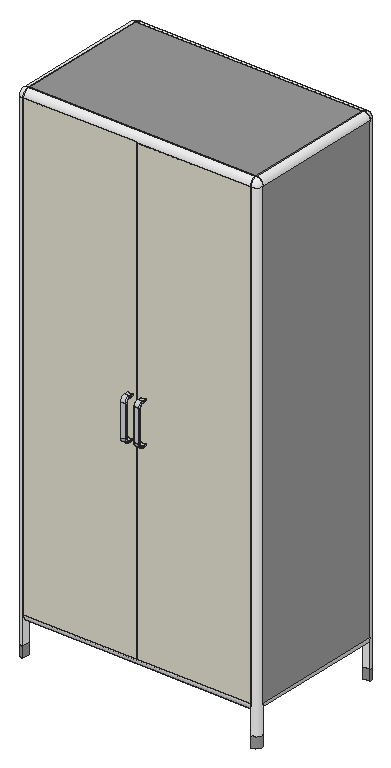
Revit family "Шкаф медицинский для одежды двухдверный ДМ-2-001-29", category Оборудование, Revit 2017
Family settings
  Размер круглого соединителя = Использовать диаметр
  Тип детали = Нормальный
  На основе рабочей плоскости = Нет
  Всегда вертикально = Да
  При загрузке вырезать с полостями = Нет
  Общий = Нет
  Точка расчета площади = Нет
Parameters (values of type "Тип")
  Фасад = Столешница медицинской мебели ДСП с пластиковым покрытием
  Ручки = Алюминий 7075
  Панели = Пластмасса, непрозрачная, белая
  Общ_Ширина = 900.0 mm
  Общ_Тип, марка = "ДМ-2-001-29"
  Общ_Примечание КР [instance] = ""
  Общ_Примечание АР [instance] = ""
  Общ_Примечание = ""
  Общ_Поставщик = "Доктор Мебель"
  Общ_Позиция = ""
  Общ_Наименование = "Шкаф медицинский для одежды"
  Общ_Масса = ""
  Общ_Код продукции = ""
  Общ_Единицы измерения = "шт."
  Общ_Глубина = 550.0 mm
  Общ_Высота = 1900.0 mm
  Ножки = Пластмасса, непрозрачная, черная
  Keynote = ""
  Каркас = Алюминий 7075
  Длина ручек = 150.0 mm
  Model = ""
Reference planes
  plane 1 "По центру (Вперед/Назад)": y = 0
  plane 2: z = 0
  plane 3 "По центру (Влево/Вправо)": x = 0
  plane 4: x = 450
  plane 5: x = -450
  plane 6: y = 275
  plane 7: y = -275
  plane 8: y = 250
  plane 9: y = -250
  plane 10: z = 1900
  plane 11: z = 1875
  plane 12: x = 425
  plane 13: x = -425
Forms (mm)
  Extrusion 1, solid, material "Пластмасса, непрозрачная, черная" <- "Ножки", detail levels fine
    sketch origin (0, 0, 0) x (1, 0, 0) y (0, 1, 0)
      loop
        line (425, -250) -> (425, -275)
        arc (425, -275) -> (442.678, -267.678) -> (450, -250) r 25
        line (450, -250) -> (425, -250)
      loop
        line (425, 250) -> (450, 250)
        arc (450, 250) -> (442.678, 267.678) -> (425, 275) r 25
        line (425, 275) -> (425, 250)
      loop
        line (-425, -250) -> (-450, -250)
        arc (-450, -250) -> (-442.678, -267.678) -> (-425, -275) r 25
        line (-425, -275) -> (-425, -250)
      loop
        line (-425, 250) -> (-425, 275)
        arc (-425, 275) -> (-442.678, 267.678) -> (-450, 250) r 25
        line (-450, 250) -> (-425, 250)
    from 0 to 40
  Extrusion 2, solid, material "Алюминий 7075" <- "Каркас", detail levels fine
    sketch origin (0, 0, 0) x (1, 0, 0) y (0, 1, 0)
      loop
        arc (-425, 275) -> (-442.678, 267.678) -> (-450, 250) r 25
        line (-450, 250) -> (-425, 250) -> (-425, 275)
      loop
        line (425, 275) -> (425, 250) -> (450, 250)
        arc (450, 250) -> (442.678, 267.678) -> (425, 275) r 25
      loop
        line (450, -250) -> (425, -250) -> (425, -275)
        arc (425, -275) -> (442.678, -267.678) -> (450, -250) r 25
      loop
        line (-425, -275) -> (-425, -250) -> (-450, -250)
        arc (-450, -250) -> (-442.678, -267.678) -> (-425, -275) r 25
    from 1875 to 40
  Extrusion 3, solid, material "Пластмасса, непрозрачная, белая" <- "Панели", detail levels fine
    sketch origin (0, 0, 0) x (1, 0, 0) y (0, 1, 0)
      loop
        line (-425, 250) -> (-425, -250) -> (425, -250) -> (425, 250) -> (-425, 250)
    from 1875 to 1900
  Extrusion 4, solid, material "Пластмасса, непрозрачная, белая" <- "Панели", detail levels fine
    sketch origin (0, 0, 0) x (1, 0, 0) y (0, 1, 0)
      loop
        line (-425, 275) -> (-425, 259) -> (425, 259) -> (425, 275) -> (-425, 275)
      loop
        line (-450, 250) -> (-450, -250) -> (-434, -250) -> (-434, 250) -> (-450, 250)
      loop
        line (450, 250) -> (434, 250) -> (434, -250) -> (450, -250) -> (450, 250)
    from 1875 to 145
  Extrusion 5, solid, material "Столешница медицинской мебели ДСП с пластиковым покрытием" <- "Фасад", detail levels fine
    sketch origin (0, 0, 0) x (1, 0, 0) y (0, 1, 0)
      loop
        line (425, -259) -> (1, -259) -> (1, -275) -> (425, -275) -> (425, -259)
      loop
        line (-425, -259) -> (-425, -275) -> (-1, -275) -> (-1, -259) -> (-425, -259)
    from 145 to 1875
  Revolve 6, solid, material "Алюминий 7075" <- "Каркас", detail levels fine
    sketch origin (0, 250, 1400) x (-1, 0, 0) y (0, 0, 1)
      loop
        arc (-425, 500) -> (-442.678, 492.678) -> (-450, 475) r 25
        line (-450, 475) -> (-425, 475) -> (-425, 500)
      axis (-425, 500) -> (-425, 475)
    angle from 0 to -90
  Revolve 7, solid, material "Алюминий 7075" <- "Каркас", detail levels fine
    sketch origin (0, 250, 1400) x (-1, 0, 0) y (0, 0, 1)
      loop
        line (425, 500) -> (425, 475) -> (450, 475)
        arc (450, 475) -> (442.678, 492.678) -> (425, 500) r 25
      axis (425, 500) -> (425, 475)
    angle from 0 to -90
  Revolve 8, solid, material "Алюминий 7075" <- "Каркас", detail levels fine
    sketch origin (0, -250, 1400) x (-1, 0, 0) y (0, 0, -1)
      loop
        line (-425, -500) -> (-425, -475) -> (-450, -475)
        arc (-450, -475) -> (-442.678, -492.678) -> (-425, -500) r 25
      axis (-425, -500) -> (-425, -475)
    angle from 0 to -90
  Revolve 9, solid, material "Алюминий 7075" <- "Каркас", detail levels fine
    sketch origin (0, -250, 1400) x (-1, 0, 0) y (0, 0, -1)
      loop
        arc (425, -500) -> (442.678, -492.678) -> (450, -475) r 25
        line (450, -475) -> (425, -475) -> (425, -500)
      axis (425, -500) -> (425, -475)
    angle from 0 to -90
  Extrusion 10, solid, material "Алюминий 7075" <- "Каркас", detail levels fine
    sketch origin (-450, 760, 1400) x (0, 1, 0) y (0, 0, 1)
      loop
        arc (-485, 475) -> (-492.322, 492.678) -> (-510, 500) r 25
        line (-510, 500) -> (-510, 475) -> (-485, 475)
      loop
        line (-1035, 475) -> (-1010, 475) -> (-1010, 500)
        arc (-1010, 500) -> (-1027.678, 492.678) -> (-1035, 475) r 25
    from 25 to 875
  Extrusion 11, solid, material "Алюминий 7075" <- "Каркас", detail levels fine
    sketch origin (-590, -275, 1400) x (-1, 0, 0) y (0, 0, 1)
      loop
        arc (-140, 475) -> (-147.322, 492.678) -> (-165, 500) r 25
        line (-165, 500) -> (-165, 475) -> (-140, 475)
      loop
        line (-1040, 475) -> (-1015, 475) -> (-1015, 500)
        arc (-1015, 500) -> (-1032.678, 492.678) -> (-1040, 475) r 25
    from 25 to 525
  Extrusion 12, solid, material "Пластмасса, непрозрачная, белая" <- "Панели", detail levels fine
    sketch origin (0, 0, 0) x (1, 0, 0) y (0, 1, 0)
      loop
        line (-425, 259) -> (-425, 250) -> (-434, 250) -> (-434, -250) -> (-425, -250) -> (-425, -259) -> (425, -259) -> (425, -250) -> (434, -250) -> (434, 250) -> (425, 250) -> (425, 259) -> (-425, 259)
    from 120 to 136
  Extrusion 13, solid, detail levels fine
    sketch origin (0, -250, 1200) x (-1, 0, 0) y (0, 0, -1)
      loop
        line (434, 640) -> (434, 656) -> (-434, 656) -> (-434, 640) -> (434, 640)
      loop
        line (434, 40) -> (434, 56) -> (-434, 56) -> (-434, 40) -> (434, 40)
      loop
        line (434, -220) -> (434, -204) -> (-434, -204) -> (-434, -220) -> (434, -220)
    from 0 to -500
  Extrusion 14, solid, material "Алюминий 7075" <- "Каркас", detail levels fine
    sketch origin (-450, 760, 620) x (0, 1, 0) y (0, 0, 1)
      loop
        line (-485, -475) -> (-510, -475) -> (-510, -500)
        arc (-510, -500) -> (-492.322, -492.678) -> (-485, -475) r 25
      loop
        arc (-1035, -475) -> (-1027.678, -492.678) -> (-1010, -500) r 25
        line (-1010, -500) -> (-1010, -475) -> (-1035, -475)
    from 25 to 875
  Extrusion 15, solid, material "Алюминий 7075" <- "Каркас", detail levels fine
    sketch origin (-590, -275, 620) x (-1, 0, 0) y (0, 0, 1)
      loop
        line (-140, -475) -> (-165, -475) -> (-165, -500)
        arc (-165, -500) -> (-147.322, -492.678) -> (-140, -475) r 25
      loop
        arc (-1040, -475) -> (-1032.678, -492.678) -> (-1015, -500) r 25
        line (-1015, -500) -> (-1015, -475) -> (-1040, -475)
    from 25 to 525
Lines and regions (mm)
  symbolic lines, detail levels coarse+medium
    curve 1: line (-450, 275, 0) -> (450, 275, 0)
    curve 2: line (-450, -275, 0) -> (-450, 275, 0)
    curve 3: line (450, -275, 0) -> (-450, -275, 0)
    curve 4: line (450, 275, 0) -> (450, -275, 0)
    curve 5: line (-450, -275, 0) -> (0, 275, 0)
    curve 6: line (450, -275, 0) -> (0, 275, 0)
Dimensions and locks
  equal spacing: plane 5, plane 3 "По центру (Влево/Вправо)", plane 4
  plane 5 to plane 4 = 900.0 mm
  locked: plane 10 to plane 11 at 25
  "Общ_Высота": plane 10 to level
  plane 6 to plane 7 = 550.0 mm
  equal spacing: plane 6, plane 1 "По центру (Вперед/Назад)", plane 7
  locked: plane 9 to plane 7 at 25
  locked: plane 6 to plane 8 at 25
  locked: plane 5 to plane 13 at 25
  locked: plane 12 to plane 4 at 25
  aligned and locked: level to plane 2
  aligned and locked: Extrusion 13 to Extrusion 2
  aligned and locked: Extrusion 11 to Extrusion 2
  aligned and locked: Extrusion 15 to Extrusion 1
  aligned and locked: Extrusion 1 to Extrusion 11
  aligned and locked: Extrusion 11 to Extrusion 1
  aligned and locked: Extrusion 10 to Extrusion 1  (x2)
  aligned and locked: Extrusion 10 to Extrusion 3
  aligned and locked: Revolve 8 sketch curve to plane 11
  aligned and locked: Revolve 8 sketch curve to Revolve 8 sketch curve
  aligned and locked: plane 11 to Extrusion 11 sketch curve
  aligned and locked: Extrusion 11 sketch curve to plane 13
  aligned and locked: plane 12 to Extrusion 15 sketch curve
  aligned and locked: Extrusion 15 sketch curve to Extrusion 4
  aligned and locked: plane 13 to Extrusion 15 sketch curve
  aligned and locked: plane 11 to Revolve 6 sketch curve
  aligned and locked: Revolve 6 sketch curve to Revolve 6 sketch curve
  aligned and locked: Revolve 7 sketch curve to Revolve 7 sketch curve
  aligned and locked: Revolve 7 sketch curve to plane 11
  aligned and locked: Extrusion 10 to Extrusion 2
Automatic sketch dimensions
  Extrusion 1 sketch curve to plane 5 = 0.0 mm  (x2)
  Extrusion 1 sketch curve to plane 6 = 0.0 mm  (x2)
  Extrusion 1 sketch curve to plane 8 = 0.0 mm  (x2)
  Extrusion 1 sketch curve to plane 7 = 0.0 mm  (x2)
  plane 9 to Extrusion 1 sketch curve = 0.0 mm  (x2)
  Extrusion 1 sketch curve to plane 4 = 0.0 mm  (x2)
  Extrusion 2 sketch curve to plane 5 = 0.0 mm  (x2)
  Extrusion 2 sketch curve to plane 8 = 0.0 mm  (x2)
  Extrusion 2 sketch curve to plane 6 = 0.0 mm  (x2)
  plane 9 to Extrusion 2 sketch curve = 0.0 mm  (x2)
  Extrusion 2 sketch curve to plane 7 = 0.0 mm  (x2)
  Extrusion 2 sketch curve to plane 4 = 0.0 mm  (x2)
  plane 9 to Extrusion 3 sketch curve = 0.0 mm
  Extrusion 3 sketch curve to plane 8 = 0.0 mm
  plane 5 to Extrusion 3 sketch curve = 25.0 mm
  Extrusion 3 sketch curve to plane 4 = 25.0 mm
  Extrusion 4 sketch curve to plane 5 = 0.0 mm
  Extrusion 4 sketch curve to plane 8 = 0.0 mm  (x2)
  plane 9 to Extrusion 4 sketch curve = 0.0 mm  (x2)
  Extrusion 4 sketch curve to plane 6 = 0.0 mm
  Extrusion 4 sketch curve to plane 4 = 0.0 mm
  plane 5 to Extrusion 4 sketch curve = 16.0 mm
  Extrusion 4 sketch curve to Extrusion 4 sketch curve = 9.0 mm  (x2)
  plane 8 to Extrusion 4 sketch curve = 9.0 mm
  Extrusion 4 sketch curve to plane 4 = 25.0 mm
  Extrusion 5 sketch curve to plane 7 = 0.0 mm  (x2)
  plane 9 to Extrusion 5 sketch curve = 9.0 mm
  plane 5 to Extrusion 5 sketch curve = 25.0 mm
  Extrusion 5 sketch curve to plane 3 "По центру (Влево/Вправо)" = 1.0 mm
  plane 3 "По центру (Влево/Вправо)" to Extrusion 5 sketch curve = 1.0 mm
  Extrusion 5 sketch curve to plane 4 = 25.0 mm
  Extrusion 5 sketch curve to Extrusion 5 sketch curve = 0.0 mm
  Revolve 9 sketch curve to plane 5 = 0.0 mm
  plane 5 to Revolve 9 sketch curve = 25.0 mm
  level to Revolve 9 sketch curve = 1900.0 mm
  Revolve 9 sketch curve to Revolve 9 sketch curve = 0.0 mm
  Revolve 9 sketch curve to Revolve 9 sketch curve = 18.44 mm
  Revolve 9 sketch curve to Revolve 9 sketch curve = 10.0 mm
  Extrusion 10 sketch curve to plane 7 = 0.0 mm
  Extrusion 10 sketch curve to plane 9 = 0.0 mm
  Extrusion 10 sketch curve to plane 8 = 0.0 mm
  Extrusion 10 sketch curve to plane 6 = 0.0 mm
  level to Extrusion 10 sketch curve = 1875.0 mm
  Extrusion 10 sketch curve to Extrusion 10 sketch curve = 0.0 mm
  plane 9 to Extrusion 12 sketch curve = 0.0 mm  (x2)
  Extrusion 12 sketch curve to plane 8 = 0.0 mm  (x2)
  plane 5 to Extrusion 12 sketch curve = 16.0 mm
  Extrusion 12 sketch curve to Extrusion 12 sketch curve = 9.0 mm  (x3)
  plane 9 to Extrusion 12 sketch curve = 9.0 mm
  Extrusion 12 sketch curve to plane 4 = 25.0 mm  (x2)
  plane 8 to Extrusion 12 sketch curve = 9.0 mm
  plane 4 to Extrusion 13 sketch curve = 16.0 mm  (x3)
  Extrusion 13 sketch curve to plane 5 = 16.0 mm  (x3)
  Extrusion 13 sketch curve to level = 544.0 mm
  Extrusion 13 sketch curve to Extrusion 13 sketch curve = 16.0 mm  (x3)
  Extrusion 13 sketch curve to Extrusion 13 sketch curve = 584.0 mm
  Extrusion 13 sketch curve to Extrusion 13 sketch curve = 244.0 mm
  Extrusion 14 sketch curve to plane 7 = 0.0 mm
  Extrusion 14 sketch curve to plane 9 = 0.0 mm
  Extrusion 14 sketch curve to plane 8 = 0.0 mm
  Extrusion 14 sketch curve to plane 6 = 0.0 mm
  level to Extrusion 14 sketch curve = 120.0 mm  (x2)
  Revolve 8 sketch curve to plane 4 = 0.0 mm
  Revolve 8 sketch curve to plane 12 = 0.0 mm
  Revolve 8 sketch curve to Revolve 8 sketch curve = 35.0 mm
  Revolve 8 sketch curve to plane 11 = 25.0 mm
  Extrusion 11 sketch curve to plane 4 = 0.0 mm
  Extrusion 11 sketch curve to plane 11 = 0.0 mm
  Extrusion 11 sketch curve to plane 12 = 0.0 mm
  Extrusion 11 sketch curve to plane 5 = 0.0 mm
  Extrusion 15 sketch curve to plane 4 = 0.0 mm
  Extrusion 15 sketch curve to plane 5 = 0.0 mm
  level to Extrusion 15 sketch curve = 120.0 mm
  Extrusion 15 sketch curve to plane 13 = 0.0 mm
  Revolve 6 sketch curve to plane 4 = 0.0 mm
  Revolve 6 sketch curve to plane 12 = 0.0 mm
  Revolve 6 sketch curve to plane 11 = 25.0 mm
  Revolve 6 sketch curve to Revolve 6 sketch curve = 35.0 mm
  Revolve 7 sketch curve to plane 13 = 0.0 mm
  Revolve 7 sketch curve to plane 5 = 0.0 mm
  Revolve 7 sketch curve to Revolve 7 sketch curve = 10.0 mm
  Revolve 7 sketch curve to Revolve 7 sketch curve = 18.44 mm
  curve 3 to plane 5 = 0.0 mm
  curve 5 to plane 3 "По центру (Влево/Вправо)" = 0.0 mm
  curve 6 to plane 4 = 0.0 mm
  curve 6 to plane 7 = 0.0 mm
  curve 2 to plane 6 = 0.0 mm
Nested families
  nested 1: "Ручка дверная для корпусной мебели травмобезопасная" at (25, -275, 950), Материал <- "Ручки", Длина <- "Длина ручек", type "Вертикальная", detail levels fine
    with Материал Алюминий 7075, Длина 150.0 mm
  nested 2: "Ручка дверная для корпусной мебели травмобезопасная" at (-25, -275, 950) x (-1, 0, 0) z (0, 0, 1), Материал <- "Ручки", Длина <- "Длина ручек", type "Вертикальная", detail levels fine
    with Материал Алюминий 7075, Длина 150.0 mm
Definition of nested family "Ручка дверная для корпусной мебели травмобезопасная"
  Parameters (values of type "Вертикальная")
    Материал [instance] = none
    Keynote = ""
    Длина [instance] = 200.0 mm
    Model = ""
    Горизонтальная = no
    Вертикальная = yes
  Types (2, lengths in mm): name | Горизонтальная | Вертикальная
    Вертикальная | no | yes
    Горизонтальная | yes | no
  Reference planes
    plane 1 "По центру (Вперед/Назад)": y = 0
    plane 2: z = 0
    plane 3 "По центру (Влево/Вправо)": x = 0
    plane 4: z = 100
    plane 5: z = -100
    plane 6: x = -100
    plane 7: x = 100
  Forms (mm)
    Sweep 1, solid, visible <- "Вертикальная"
      path origin (-700, -1524, 571.719) x (0, 0, 1) y (0, -1, 0)
        loop
          line (-471.719, -1524) -> (-471.719, -1509)
          arc (-471.719, -1509) -> (-476.113, -1498.393) -> (-486.719, -1494) r 15
          line (-486.719, -1494) -> (-656.719, -1494)
          arc (-656.719, -1494) -> (-667.326, -1498.393) -> (-671.719, -1509) r 15
          line (-671.719, -1509) -> (-671.719, -1524)
      profile origin (-700, -7.5, 100) x (0, 0, -1) y (1, 0, 0)
        loop
          line (2.5, 691.5) -> (2.5, 708.5)
          arc (2.5, 708.5) -> (2.061, 709.561) -> (1, 710) r 1.5
          line (1, 710) -> (-1, 710)
          arc (-1, 710) -> (-2.061, 709.561) -> (-2.5, 708.5) r 1.5
          line (-2.5, 708.5) -> (-2.5, 691.5)
          arc (-2.5, 691.5) -> (-2.061, 690.439) -> (-1, 690) r 1.5
          line (-1, 690) -> (1, 690)
          arc (1, 690) -> (2.061, 690.439) -> (2.5, 691.5) r 1.5
    Sweep 2, solid, visible <- "Горизонтальная"
      path origin (-571.719, -1524, -700) x (-1, 0, 0) y (0, -1, 0)
        loop
          line (-471.719, -1524) -> (-471.719, -1509)
          arc (-471.719, -1509) -> (-476.113, -1498.393) -> (-486.719, -1494) r 15
          line (-486.719, -1494) -> (-656.719, -1494)
          arc (-656.719, -1494) -> (-667.326, -1498.393) -> (-671.719, -1509) r 15
          line (-671.719, -1509) -> (-671.719, -1524)
      profile origin (-100, -7.5, -700) x (1, 0, 0) y (0, 0, 1)
        loop
          line (2.5, 691.5) -> (2.5, 708.5)
          arc (2.5, 708.5) -> (2.061, 709.561) -> (1, 710) r 1.5
          line (1, 710) -> (-1, 710)
          arc (-1, 710) -> (-2.061, 709.561) -> (-2.5, 708.5) r 1.5
          line (-2.5, 708.5) -> (-2.5, 691.5)
          arc (-2.5, 691.5) -> (-2.061, 690.439) -> (-1, 690) r 1.5
          line (-1, 690) -> (1, 690)
          arc (1, 690) -> (2.061, 690.439) -> (2.5, 691.5) r 1.5
  Dimensions and locks
    "Длина": plane 4 to plane 5
    "Длина": plane 7 to plane 6
    equal spacing: plane 7, plane 3 "По центру (Влево/Вправо)", plane 6
    equal spacing: plane 4, level, plane 5
    aligned and locked: level to plane 2
    aligned and locked: plane 4 to Sweep 1 sketch curve
    aligned and locked: Sweep 1 sketch curve to plane 5
    aligned and locked: plane 7 to Sweep 2 sketch curve
    aligned and locked: Sweep 2 sketch curve to plane 6
  Automatic sketch dimensions
    Sweep 1 sketch curve to plane 1 "По центру (Вперед/Назад)" = 0.0 mm  (x2)
    plane 5 to Sweep 1 sketch curve = 15.0 mm
    plane 1 "По центру (Вперед/Назад)" to Sweep 1 sketch curve = 15.0 mm
    Sweep 1 sketch curve to plane 4 = 15.0 mm
    profile plane to Sweep 1 sketch curve = 2.5 mm
    profile plane to Sweep 1 sketch curve = 1.0 mm  (x2)
    Sweep 1 sketch curve to profile plane = 1.0 mm  (x2)
    Sweep 1 sketch curve to Sweep 1 sketch curve = 1.5 mm
    profile plane to Sweep 1 sketch curve = 690.0 mm
    Sweep 1 sketch curve to Sweep 1 sketch curve = 17.0 mm
    profile plane to Sweep 2 sketch curve = 2.5 mm
    profile plane to Sweep 2 sketch curve = 1.0 mm  (x2)
    Sweep 2 sketch curve to profile plane = 1.0 mm  (x2)
    Sweep 2 sketch curve to Sweep 2 sketch curve = 1.5 mm
    profile plane to Sweep 2 sketch curve = 690.0 mm
    Sweep 2 sketch curve to Sweep 2 sketch curve = 17.0 mm
    plane 1 "По центру (Вперед/Назад)" to Sweep 2 sketch curve = 0.0 mm  (x2)
    Sweep 2 sketch curve to plane 7 = 15.0 mm
    plane 1 "По центру (Вперед/Назад)" to Sweep 2 sketch curve = 15.0 mm
    plane 6 to Sweep 2 sketch curve = 15.0 mm
